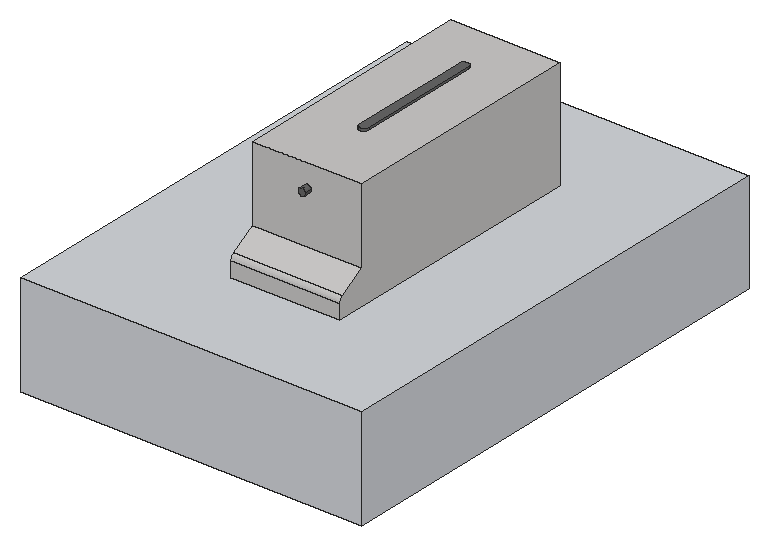
Revit family
Parameters (values of type "as Specified")
  Warranty Duration (Years) = 0
  Unit Width = 0' - 4 3/16"
  Unit Height = 0' - 10 9/16"
  Unit Depth = 0' - 4 7/32"
  URL = "http://www.bobrick.com/Pages/default.aspx"
  Test Data = ""
  Standards Conformance = "ADA with proper mounting height  ;  CE"
  Specification = ""
  SpecWizard = ""
  Send Message = "http://www.arcat.com/users.pl?action=UserEmail&company=Bobrick+Washroom+Equipment,+Inc.&coid=30988&rep=156&fax=818-503-1930&mf="
  Sales Information = "http://www.bobrick.com/Pages/ContactUs.aspx"
  Revision = "R1_2014-10"
  Region Restriction = "International Only"
  Product Properties = ""
  Product Data = "http://arcat.com/arcatcos/cos30/arc30988.html"
  Mounting Height [instance] = 4' - 4 1/4"
  Model = "B-2013"
  Manufacturer Website = "http://www.bobrick.com/Pages/default.aspx"
  Manufacturer Phone - Toll Free = ""
  Manufacturer Phone = "818-764-1000"
  Manufacturer Fax = "818-503-1930"
  Manufacturer Address = "11611 Hart St. North Hollywood, CA 91605-5882"
  Manufacturer = "Bobrick Washroom Equipment, Inc."
  Maintenance Schedule (Months) = 0
  Keynote = "102813"
  Installation-Fabrication = "http://www.bobrick.com/washroomaccessories/Pages/WashroomAccessories.aspx"
  Installation Phase = ""
  Green Building-LEED = ""
  Finish Material = Stainless Steel - Bobrick - Satin
  Expected Lifespan (Years) = 0
  Drawn By = "Sumex Design, Inc. / Robert S. Weygant, CSI, CDT, SCIP"
  Description = "Bobrick Automatic Wall Mounted Foam Soap Dispenser - B-2013"
  Default Elevation = 0' - 0"
  Copyright = "©Arcat Inc."
  Construction Details = ""
  Capacity = "800 ml  ;  4 'AA' Batteries"
  Building Codes = ""
  Assembly Code = "E1090900"
  Accent Finish [instance] = Paint - Bobrick - Black
Reference planes (in)
  plane 1 "ADA Mount Line": y = 7.3558
  plane 2: z = 0
  plane 3 "Center (Left/Right)": x = 0
  plane 4: x = -2.09375
  plane 5: x = 2.09375
  plane 6 "FF": y = -44.8942
  plane 7: y = -3.2067
Forms (in)
  Extrusion 1, solid
    sketch origin (0, 0, 0) x (1, 0, 0) y (0, 1, 0)
      loop
        line (-7, 11.3558) -> (-7, -7.18981) -> (6.13433, -7.18981) -> (6.13433, 11.3558) -> (-7, 11.3558)
    from 0 to -3.89711
  Extrusion 2, solid, material "Stainless Steel - Bobrick - Satin" <- "Finish Material"
    sketch origin (0, 0, 0) x (0, 1, 0) y (0, 0, 1)
      loop
        line (7.3558, 0) -> (7.3558, 4.21875) -> (-2.1442, 4.21875) -> (-2.1442, 1.32441) -> (-3.0817, 0.78315)
        arc (-3.0817, 0.78315) -> (-3.1732, 0.69164) -> (-3.2067, 0.56664) r 0.25
        line (-3.2067, 0.56664) -> (-3.2067, 0) -> (7.3558, 0)
    from -2.09375 to 2.09375
  Extrusion 3, solid, material "Paint - Bobrick - Black" <- "Accent Finish"
    sketch origin (0, 7.3558, 0) x (1, 0, 0) y (0, 0, 1)
      loop
        circle (0, 3.33069) r 0.14379
    from 9.5 to 9.75796
  Extrusion 4, solid, material "Paint - Bobrick - Black" <- "Accent Finish"
    sketch origin (0, 0, 0) x (1, 0, 0) y (0, 1, 0)
      loop
        line (-0.1875, 5.3558) -> (-0.1875, 0.58561)
        arc (-0.1875, 0.58561) -> (0, 0.39811) -> (0.1875, 0.58561) r 0.1875
        line (0.1875, 0.58561) -> (0.1875, 5.3558)
        arc (0.1875, 5.3558) -> (0, 5.5433) -> (-0.1875, 5.3558) r 0.1875
    from 4.21875 to 4.28125
  Extrusion 5, solid, material "Stainless Steel - Bobrick - Satin" <- "Finish Material"
    sketch origin (0, 7.3558, 0) x (0, 0, 1) y (1, 0, 0)
      loop
        circle (0.75, 0) r 0.5
    from 0 to 0.125
Dimensions and locks (in)
  equal spacing: plane 4, plane 3 "Center (Left/Right)", plane 5
  "Unit Width": plane 4 to plane 5
  "Mounting Height": plane 1 "ADA Mount Line" to plane 6 "FF"
  "Unit Height": plane 7 to plane 1 "ADA Mount Line"
  aligned and locked: plane 2 to Extrusion 1
  aligned and locked: level to Extrusion 1
Automatic sketch dimensions
  Extrusion 1 sketch curve to Extrusion 1 sketch curve = 1' - 1.13433"
  Extrusion 1 sketch curve to Extrusion 1 sketch curve = 1' - 6.54561"
  Extrusion 2 sketch curve to plane 7 = 0' - 0"
  Extrusion 2 sketch curve to level = 0' - 0"
  Extrusion 2 sketch curve to plane 1 "ADA Mount Line" = 0' - 0"
  plane 7 to Extrusion 2 sketch curve = 0' - 0 1/8"
  Extrusion 2 sketch curve to Extrusion 2 sketch curve = 0' - 0 1/8"
  plane 7 to Extrusion 2 sketch curve = 0' - 1 1/16"
  level to Extrusion 2 sketch curve = 0' - 0.56664"
  Extrusion 2 sketch curve to Extrusion 2 sketch curve = 0' - 0.54127"
  level to Extrusion 2 sketch curve = 0' - 4 7/32"
  Extrusion 3 sketch curve to plane 3 "Center (Left/Right)" = 0' - 0"
  level to Extrusion 3 sketch curve = 0' - 3.33069"
  plane 3 "Center (Left/Right)" to Extrusion 4 sketch curve = 0' - 0"
  Extrusion 4 sketch curve to Extrusion 4 sketch curve = 0' - 0 3/16"
  plane 7 to Extrusion 4 sketch curve = 0' - 3.79231"
  plane 1 "ADA Mount Line" to Extrusion 4 sketch curve = 0' - 2"
  Extrusion 2 to Extrusion 5 sketch curve = 0' - 0 3/4"
  Extrusion 2 to Extrusion 5 sketch curve = 0' - 2 3/32"
  radius of Extrusion 3 sketch curve = 0' - 0.14379"
  radius of Extrusion 5 sketch curve = 0' - 0 1/2"
